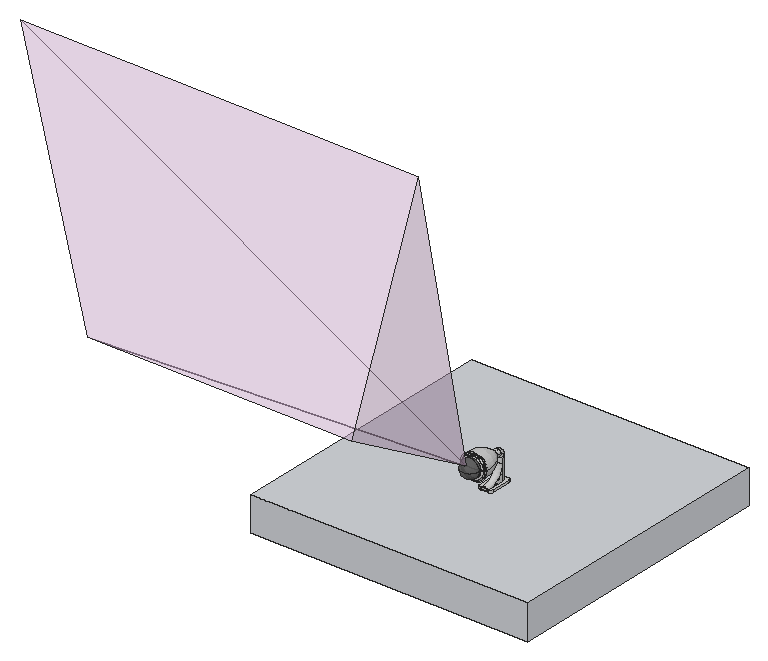
Revit family "Camera-Security-iPRO-2MP-Outdoor-PTZ-Network-Dome-AI-S65340-ZSeriesX", category Security Devices, host Face, Revit 2020
Family settings
  Host = Face
  Maintain Annotation Orientation = No
  Round Connector Dimension = Use Diameter
  Part Type = Normal
  OmniClass Number = 23.85.10.14.11
  OmniClass Title = Cameras
  Cut with Voids When Loaded = No
  Shared = No
  Room Calculation Point = No
Parameters (values of type "WV-S65340-Z2N")
  z Yaw Actual [instance] = 180.00°  # constant formula
  z VV Viewpoint Depth Min = z VV Viewpoint Depth Max  # 1.68661"
  z VV Viewpoint Depth Max = if(z Camera Type = 653402, 1.68661", if(z Camera Type = 653404, 2.10756", 39.33071"))  # 1.68661"
  z VV Viewpoint Depth [instance] = (z VV Viewpoint Depth Max - z VV Viewpoint Depth Min) * z HFOV Ratio + z VV Viewpoint Depth Min  # 1.68661"
  z VV Origin Height [instance] = if(Has Wall Mount Bracket, 9.48819", 6.85039")  # 9.48819"
  z VV Origin Horizontal Offset [instance] = if(and(z Camera Type = 653402, Has Wall Mount Bracket), 9.75984" + 3.30709", if(and(z Camera Type = 653404, Has Wall Mount Bracket), 9.69291" + 3.30709", 39.33071"))  # 13.06693"
  z Tilt Actual Safe [instance] = if(Tilt Actual = -90.00°, -89.90°, Tilt Actual)  # 45.00°
  z Tilt Actual [instance] = Tilt Actual  # 45.00°
  z Pan Actual Safe [instance] = if(Pan Actual = -180.00°, 180.00°, Pan Actual)  # 0.00°
  z Pan Actual [instance] = Pan Actual  # 0.00°
  z HFOV Ratio [instance] = (Horizontal FOV Actual - Horizontal FOV Min) / (Horizontal FOV Max - Horizontal FOV Min)  # 0.49523
  z Distance to Floor [instance] = if(Has Wall Mount Bracket, Distance to Floor + 19.68504", Distance to Floor)  # 137.79528"
  z Distance to Ceiling [instance] = if(Has Wall Mount Bracket, Distance to Ceiling - 19.68504", Distance to Ceiling)  # -19.68504"
  z Const Yaw Handle Length = 9.25197"  # constant formula
  z Const Yaw Base2 Length = 500.00°  # constant formula
  z Const Yaw Base Length = 9.84252"  # constant formula
  z Const Tilt Handle Length = 14.17323"  # constant formula
  z Const Tilt Base2 Length = 19.68504"  # constant formula
  z Const Tilt Base Length = 14.17323"  # constant formula
  z Const Pan Handle Length = 27.55906"  # constant formula
  z Camera Type = 653402
  z Camera Center Offset [instance] = if(Has Wall Mount Bracket, 2.95276", 0.0000")  # 2.95276"
  z Camera Bottom Height [instance] = if(Has Wall Mount Bracket, 9.48819", 0.0000")  # 9.48819"
  z Camera Angle [instance] = if(Has Wall Mount Bracket, 0.00°, 90.00°)  # 0.00°
  Wide Dynamic Range = (1 = 1)  # yes
  Weight = 9.26 lbf
  Water and Dust Resistance = "IP66, IP67, IEC60529 measuring standard compatible, Type 4X(UL50E), NEMA 4X compliant"  # constant formula
  Voltage [instance] = if(and(Power Supply type is AC, not(Power Supply type is PoE Plus), not(Power Supply type is PoE Plus Plus)), 24 V, if(and(not(Power Supply type is AC), Power Supply type is PoE Plus, not(Power Supply type is PoE Plus Plus)), 54 V, if(and(not(Power Supply type is AC), not(Power Supply type is PoE Plus), Power Supply type is PoE Plus Plus), 54 V, 24 V)))  # 24 V
  Vertical FOV Min [instance] = if(and(Aspect Ratio 4_3, not(Aspect Ratio 16_9)), VFOV Min 43, VFOV Min 169)  # 2.20°
  Vertical FOV Max [instance] = if(and(Aspect Ratio 4_3, not(Aspect Ratio 16_9)), VFOV Max 43, VFOV Max 169)  # 44.00°
  Vertical FOV Actual [instance] = z HFOV Ratio * (Vertical FOV Max - Vertical FOV Min) + Vertical FOV Min  # 22.9004°
  Vandal Resistant = (1 = 1)  # yes
  VFOV Min 43 = 2.20°
  VFOV Min 169 = 2.20°
  VFOV Max 43 = 44.00°
  VFOV Max 169 = 44.00°
  URL = "https://i-pro.com/corp/en/"
  Tilting Range = "-15 to +90"
  Tilt Min = -15.00°
  Tilt Max = 90.00°
  Tilt Desired [instance] = 45.00°
  Tilt Actual [instance] = if(Tilt Desired > Tilt Max, Tilt Max, if(Tilt Desired < Tilt Min, Tilt Min, Tilt Desired))  # 45.00°
  Storage Temperature = Operational Temperature  # "-50 °C to +60 °C (-58 °F to +140 °F)"
  Show View Volume [instance] = yes
  Shock Resistance = "IK10 (IEC 62262)"  # constant formula
  Resolution_HD [instance] = no
  Resolution_FullHD [instance] = yes
  Regulatory Compliance = "UL (UL62368-1), c-UL (CSA C22.2 No.62368-1), CE, IEC62368-1, FCC (Part15 ClassA), ICES-003 Issue 7 ClassA, EN55032 ClassA, EN55035"  # constant formula
  Provide Feedback = "https://i-pro.com/corp/en/contact-list/"
  Product Page URL = "https://i-pro.com/global/en/surveillance/products/wv-s65340-z2n"
  Product Material = Paint - i-Pro White
  Product Documentation Link = "https://bizpartner.panasonic.net/public/product/wv-s65340-z2n?accordion_tab=96"
  Power Supply type is PoE Plus Plus [instance] = no
  Power Supply type is PoE Plus [instance] = no
  Power Supply type is AC [instance] = yes
  Power Supply Type [instance] = if(and(Power Supply type is AC, not(Power Supply type is PoE Plus), not(Power Supply type is PoE Plus Plus)), "AC", if(and(not(Power Supply type is AC), Power Supply type is PoE Plus, not(Power Supply type is PoE Plus Plus)), "PoE Plus", if(and(not(Power Supply type is AC), not(Power Supply type is PoE Plus), Power Supply type is PoE Plus Plus), "PoE Plus Plus", "AC")))  # "AC"
  Power Active [instance] = if(and(Power Supply type is AC, not(Power Supply type is PoE Plus), not(Power Supply type is PoE Plus Plus)), 53.3 W, if(and(not(Power Supply type is AC), Power Supply type is PoE Plus, not(Power Supply type is PoE Plus Plus)), 25.4 W, if(and(not(Power Supply type is AC), not(Power Supply type is PoE Plus), Power Supply type is PoE Plus Plus), 50.84 W, 53.3 W)))  # 53.3 W
  Part Number = Model  # "WV-S65340-Z2N"
  Part Description = Description  # "Security Camera, 2MP ,21x,  Outdoor PTZ Network Camera with AI, WV-S65340-Z2N"
  Panning Range = "0 to +350"
  Pan Min = 0.00°
  Pan Max = 350.00°
  Pan Desired [instance] = 0.00°
  Pan Actual [instance] = if(Pan Desired > Pan Max, Pan Max, if(Pan Desired < Pan Min, Pan Min, Pan Desired))  # 0.00°
  PPM Desired [instance] = 300
  PPM Actual [instance] = if(PPM Desired > 1, PPM Desired, 1)  # 300
  Original Creation Date = "2022/08/05"  # constant formula
  Operational Temperature = "-50 °C to +60 °C (-58 °F to +140 °F)"  # constant formula
  Operational Humidity = "10 to 100 % (no condensation)"  # constant formula
  On Wall [instance] = Has Wall Mount Bracket  # yes
  On Ceiling [instance] = Has Ceiling Mount Bracket  # no
  Mounting Positions = "Wall Mount"  # constant formula
  Model Disclaimer = "Contact i-PRO for more information"  # constant formula
  Model = "WV-S65340-Z2N"
  Minimum Illumination = 0.015 lx
  Manufacturer = "i-PRO Co., Ltd."  # constant formula
  Indoor Or Outdoor = "Outdoor"  # constant formula
  IP Or Analog = "IP"  # constant formula
  Horizontal Resolution Actual [instance] = if(and(Aspect Ratio 4_3, not(Aspect Ratio 16_9)), Horizontal Resolution 43, Horizontal Resolution 169)  # 1920
  Horizontal Resolution 43 [instance] = if(and(Resolution_FullHD, Resolution_HD), 2048, if(Resolution_FullHD, 2048, if(Resolution_HD, 1280, 2048)))  # 2048
  Horizontal Resolution 169 [instance] = if(and(Resolution_FullHD, Resolution_HD), 1920, if(Resolution_FullHD, 1920, if(Resolution_HD, 1280, 1920)))  # 1920
  Horizontal FOV Min [instance] = if(and(Aspect Ratio 4_3, not(Aspect Ratio 16_9)), HFOV Min 43, HFOV Min 169)  # 3.70°
  Horizontal FOV Max [instance] = if(and(Aspect Ratio 4_3, not(Aspect Ratio 16_9)), HFOV Max 43, HFOV Max 169)  # 77.00°
  Horizontal FOV Desired [instance] = 40.00°
  Horizontal FOV Actual [instance] = if(Horizontal FOV Desired > Horizontal FOV Max, Horizontal FOV Max, if(Horizontal FOV Desired < Horizontal FOV Min, Horizontal FOV Min, Horizontal FOV Desired))  # 40.00°
  Height = 10.94488"  # constant formula
  Has Wall Mount Bracket [instance] = (1 = 1)  # yes
  Has POE = (1 = 1)  # yes
  Has Ceiling Mount Bracket [instance] = not(Has Wall Mount Bracket)  # no
  HFOV Min 43 = 2.80°
  HFOV Min 169 = 3.70°
  HFOV Max 43 = 58.00°
  HFOV Max 169 = 77.00°
  Family Version = "1.0.0"  # constant formula
  Equipment Number [instance] = ""
  Equipment Abbreviation = "SC"  # constant formula
  Distance to Screen [instance] = 393.70079"
  Distance to PPM Target [instance] = if(PPM Actual = 0, 0.0000", 39.37008" * Horizontal Resolution Actual / (PPM Actual * 2 * tan(Horizontal FOV Actual / 2)))  # 346.13889"
  Distance to Floor [instance] = 118.11024"
  Distance to Ceiling [instance] = 0.0000"
  Diameter = 9.01575"  # constant formula
  Description = "Security Camera, 2MP ,21x,  Outdoor PTZ Network Camera with AI, WV-S65340-Z2N"
  Default Elevation = 0.0000"
  Day Or Night = "Yes"  # constant formula
  Date Last Modified = "2022/08/05"  # constant formula
  Copyright = "Copyright © i-PRO Co., Ltd."  # constant formula
  Communication Ports = "10Base-T / 100Base-TX, RJ45 connector"  # constant formula
  Audio Out = "Yes"  # constant formula
  Audio In = "Yes"  # constant formula
  Aspect Ratio 4_3 [instance] = no
  Aspect Ratio 16_9 [instance] = yes
  Angle Of View = "77"
  Alarm Input Or Output Specification = "ALARM IN 1 (Alarm input 1/ Black & white input/ Auto time adjustment input) (x1) ALARM IN 2 (Alarm input 2/ ALARM OUT) (x1),  ARM IN 3 (Alarm input 3/ AUX OUT) (x1)"  # constant formula
  Accessory Part Number [instance] = if(Has Wall Mount Bracket, "WV-QWL501-W", "Select a Mounting Option")  # "WV-QWL501-W"
Types (3): name | z VV Viewpoint Depth Min | z VV Viewpoint Depth Max | z VV Viewpoint Depth | z VV Origin Horizontal Offset | z HFOV Ratio | z Camera Type | Weight | Vertical FOV Min | Vertical FOV Max | Vertical FOV Actual | VFOV Min 43 | VFOV Min 169 | VFOV Max 43 | VFOV Max 169 | Tilting Range | Tilt Max | Product Page URL | Product Documentation Link | Part Number | Part Description | Panning Range | Pan Max | Model | Horizontal FOV Min | Horizontal FOV Max | HFOV Min 43 | HFOV Min 169 | HFOV Max 43 | HFOV Max 169 | Description | Angle Of View
  WV-S65340-Z2N | 1.68661" | 1.68661" | 1.68661" | 13.06693" | 0.49523 | 653402 | 9.26 lbf | 2.20° | 44.00° | 22.9004° | 2.20° | 2.20° | 44.00° | 44.00° | "-15 to +90" | 90.00° | "https://i-pro.com/global/en/surveillance/products/wv-s65340-z2n" | "https://bizpartner.panasonic.net/public/product/wv-s65340-z2n?accordion_tab=96" | "WV-S65340-Z2N" | "Security Camera, 2MP ,21x,  Outdoor PTZ Network Camera with AI, WV-S65340-Z2N" | "0 to +350" | 350.00° | "WV-S65340-Z2N" | 3.70° | 77.00° | 2.80° | 3.70° | 58.00° | 77.00° | "Security Camera, 2MP ,21x,  Outdoor PTZ Network Camera with AI, WV-S65340-Z2N" | "77"
  WV-S65340-Z4N | 2.10756" | 2.10756" | 2.10756" | 13.0000" | 0.60254 | 653404 | 9.48 lbf | 1.20° | 39.00° | 23.9762° | 1.20° | 1.20° | 39.00° | 39.00° | "-15 to +195" | 195.00° | "https://i-pro.com/global/en/surveillance/products/wv-s65340-z4n" | "https://bizpartner.panasonic.net/public/product/wv-s65340-z4n?accordion_tab=96" | "WV-S65340-Z4N" | "Security Camera, 2MP 40x Outdoor PTZ Network Camera  with AI, WV-S65340-Z4N" | "360" | 360.00° | "WV-S65340-Z4N" | 2.10° | 65.00° | 1.60° | 2.10° | 51.00° | 65.00° | "Security Camera, 2MP 40x Outdoor PTZ Network Camera  with AI, WV-S65340-Z4N" | "65"
  WV-S65340-Z4K | 2.10756" | 2.10756" | 2.10756" | 13.0000" | 0.60254 | 653404 | 9.48 lbf | 1.20° | 39.00° | 23.9762° | 1.20° | 1.20° | 39.00° | 39.00° | "-15 to +195" | 195.00° | "https://i-pro.com/global/en/surveillance/products/wv-s65340-z4k" | "https://bizpartner.panasonic.net/public/product/wv-s65340-z4k?accordion_tab=96" | "WV-S65340-Z4K" | "Security Camera, Heavy-Duty Salt Damage-Resistant coating, 2MP 40x Outdoor PTZ Network with AI, WV-S65340-Z4K" | "360" | 360.00° | "WV-S65340-Z4K" | 2.10° | 65.00° | 1.60° | 2.10° | 51.00° | 65.00° | "Security Camera, Heavy-Duty Salt Damage-Resistant coating, 2MP 40x Outdoor PTZ Network with AI, WV-S65340-Z4K" | "65"
Reference planes (in)
  plane 1 "Center (Front/Back)": y = 0
  plane 2: z = 0
  plane 3 "Center (Left/Right)": x = 0
  plane 4: z = 9.48819
  plane 5: y = -2.95276
  plane 6 "BP": z = 9.48819
  plane 7: z = 2.69685
  plane 8: z = 7.79528
  plane 9: y = -13.06693
Forms (in)
  Extrusion 1, solid
    sketch origin (0, 0, 0) x (1, 0, 0) y (0, 1, 0)
      loop
        line (-48, 48) -> (-48, -48) -> (48, -48) -> (48, 48) -> (-48, 48)
    from 0 to -12
Lines and regions (in)
  reference lines
    curve 1: line (0, -2.95276, 9.48819) -> (0, -5.64026, 9.48819)
  symbolic lines, visible <- "Has Wall Mount Bracket"
    curve 2: line (-1.15, -2.6875, 0) -> (1.15, -2.6875, 0)
Dimensions and locks (in)
  "z Camera Bottom Height": plane 4 to plane 2
  "z Camera Center Offset": plane 5 to plane 1 "Center (Front/Back)"
  plane 1 "Center (Front/Back)" to plane 5 = 2.95276"
  plane 7 to level = 2.69685"
  "z VV Origin Height": plane 6 "BP" to level
  "z VV Origin Horizontal Offset": plane 9 to plane 1 "Center (Front/Back)"
  "z Camera Angle": angle curve 1 to plane 4
  aligned and locked: plane 2 to Extrusion 1
  aligned and locked: level to Extrusion 1
  aligned and locked: plane 4 to curve 1
  aligned and locked: plane 5 to curve 1
Automatic sketch dimensions
  Extrusion 1 sketch curve to Extrusion 1 sketch curve = 96.0000"  (x2)
  curve 2 to plane 3 "Center (Left/Right)" = 1.1500"
  plane 3 "Center (Left/Right)" to curve 2 = 1.1500"
  plane 1 "Center (Front/Back)" to curve 2 = 2.6875"
Nested families (in)
  nested 1: "Bracket-Ceiling_Mount-iPRO" at (0, -0.00039, 0), visible <- "Has Wall Mount Bracket", Product Material <- "Product Material", type "Bracket"
    with Product Material Paint - i-Pro White, Has Snap Locations yes
  nested 2: "CameraBody WV-S65340-Z" at (0, -2.95276, 9.48819) x (1, 0, 0) z (0, -1, 0), Product Material <- "Product Material", type "CameraBody WV-S65340-Z"
    with Product Material Paint - i-Pro White, Body Visible yes
  nested 3: "Camera-Security-Panasonic-ViewVolumePTYZ" at (0, -13.06693, 9.48819) x (-1, 0, 0) z (0, -1, 0), Base Height Offset <- "z VV Origin Height", VFOV <- "Vertical FOV Actual", Target Depth <- "Distance to PPM Target", Screen Depth <- "Distance to Screen", Viewpoint Depth <- "z VV Viewpoint Depth", On Wall <- "On Ceiling", On Ceiling <- "On Ceiling", HFOV <- "Horizontal FOV Actual", Yaw <- "z Yaw Actual", Tilt <- "z Tilt Actual Safe", Pan <- "z Pan Actual Safe", Floor Distance <- "Distance to Floor", Ceiling Distance <- "Distance to Ceiling", visible <- "Show View Volume", type "Camera-Security-Panasonic-ViewVolumePTYZ"
    with z Yaw Actual 180.00°, z Void Width 1887.11672", z Void Thickness 800.26299", z Void Height Start -943.55836", z Void Height End 943.55836", z Void Direction 0, z Void Angle 0.00°, z Viewpoint Depth 1.68661", z Tilt Actual 45.00°, z Target Width 251.9685", z Target Visible yes, z Target Height 140.21906", z Target Depth 347.8255", z Screen Width 286.59074", z Screen Height 159.48614", z Screen Depth 395.3874", z Pan Actual 0.00°, z Floor Distance 118.11024", z Ceiling Distance 0.0000", Yaw 180.00°, Viewpoint Origin Horizontal Offset 0.0000", Viewpoint Depth 1.68661", VFOV 22.9004°, Tilt 45.00°, Target Depth 346.13889", Screen Depth 393.70079", Pan 0.00°, On Wall no, On Floor no, On Default Mount Type 0, On Ceiling no, HFOV 40.00°, Floor Distance 118.11024", Ceiling Distance 0.0000", Base Height Offset 9.48819", Base Angle Offset 0.00°
Connectors (in)
  electrical at (0, -2.36417, 0), driven by "Voltage", driven by "Power Active"
    settings: on nested 1, index 3, voltage 24 V, apparent load 53.3 W, apparent load phase1 0.0 W, apparent load phase2 0.0 W, apparent load phase3 0.0 W, power factor 1, load classification "Other", number of poles 1, system type 30, power factor state 1, is connector primary yes, connector utility no, sub classification motor no, connector description "Electrical Connection"
  electrical at (0, -2.36417, 0)
    settings: on nested 1, index 4, voltage 0 V, apparent load 0.0 W, apparent load phase1 0.0 W, apparent load phase2 0.0 W, apparent load phase3 0.0 W, power factor 1, load classification "Other", number of poles 1, system type 5, power factor state 1, is connector primary no, connector utility no, sub classification motor no, connector description "Data Connection"
Definition of nested family "Bracket-Ceiling_Mount-iPRO"
  Parameters (values of type "Bracket")
    URL = "http://panasonic.net"
    Product Material [instance] = none
    Model = "WV-QWL501-W"
    Manufacturer = "iPRO Corp.,"
    Has Snap Locations [instance] = yes
    Description = "Ceiling Mount Bracket"
    Default Elevation = 48.0000"
  Reference planes (in)
    plane 1 "Center (Front/Back)": y = 0
    plane 2: z = 0
    plane 3 "Center (Left/Right)": x = 0
    plane 4: z = 10.59055
    plane 5: z = 0
    plane 6: x = -1.15
    plane 7: x = 1.15
    plane 8: x = -2.3622
    plane 9: x = 2.3622
    plane 10: y = 1.14173
    plane 11: y = 1.96693
    plane 12: y = -6.69449
    plane 13: z = 0.62992
    plane 14: z = 9.44882
    plane 15: y = -2.95276
  Forms (in)
    Extrusion 1, solid, material <- "Product Material"
      sketch origin (0, 0, 0) x (0, 1, 0) y (0, 0, 1)
        loop
          arc (-0.00281, 6.69167) -> (-1.96276, 1.95995) -> (-6.69449, 0) r 6.69167
          line (-6.69449, 0) -> (0, 0) -> (-0.00281, 6.69167)
      from -1.14173 to 1.14173
    Extrusion 2, solid, material <- "Product Material"
      sketch origin (0, 0, 0) x (1, 0, 0) y (0, 1, 0)
        loop
          arc (-1.37795, 1.96693) -> (-2.07392, 1.67865) -> (-2.3622, 0.98268) r 0.98425
          line (-2.3622, 0.98268) -> (-2.3622, -5.71024)
          arc (-2.3622, -5.71024) -> (-2.07392, -6.40621) -> (-1.37795, -6.69449) r 0.98425
          line (-1.37795, -6.69449) -> (1.37795, -6.69449)
          arc (1.37795, -6.69449) -> (2.07392, -6.40621) -> (2.3622, -5.71024) r 0.98425
          line (2.3622, -5.71024) -> (2.3622, 0.98268)
          arc (2.3622, 0.98268) -> (2.07392, 1.67865) -> (1.37795, 1.96693) r 0.98425
          line (1.37795, 1.96693) -> (-1.37795, 1.96693)
      from 0 to 0.62992
    Sweep 3, solid, material <- "Product Material"
      path origin (0, 0, 0) x (0, 1, 0) y (0, 0, 1)
        loop
          line (-0.00025, 0.62992) -> (-0.00025, 8.2874)
          arc (-0.00025, 8.2874) -> (-0.34042, 9.10865) -> (-1.16167, 9.44882) r 1.16142
          line (-1.16167, 9.44882) -> (-2.95276, 9.44882)
      profile origin (0, -0.00025, 4.45866) x (0, -1, 0) y (1, 0, 0)
        loop
          circle (0.00255, 0) r 1.14173
    Sweep 4, solid, material <- "Product Material"
      path in 3D
        loop
          arc (1.14173, -6.69449, 0) -> (1.14173, -1.96276, 1.95995) -> (1.14173, -0.00281, 6.69167) r 6.69167
      profile origin (1.14173, -1.96276, 1.95995) x (0, -0.707107, 0.707107) y (1, 0, 0)
        loop
          circle (0, -1.14173) r 1.14173
    Extrusion 5, void
      sketch origin (0, 0, 0) x (0, 1, 0) y (1, 0, 0)
        loop
          line (1.96693, -2.3622) -> (1.96693, 2.3622) -> (-6.69449, 2.3622) -> (-6.69449, -2.3622) -> (1.96693, -2.3622)
      from 0 to 1.9685
  Cuts and joins
    Extrusion 5 cuts Extrusion 1
    Extrusion 5 cuts Extrusion 2
    Extrusion 5 cuts Sweep 3
    Extrusion 5 cuts Sweep 4
  Lines and regions (in)
    sketch lines
      curve 1: arc (1.14173, -6.69449, 0) -> (1.14173, -1.96276, 1.95995) -> (1.14173, -0.00281, 6.69167) r 6.69167
  Dimensions and locks (in)
    plane 8 to plane 3 "Center (Left/Right)" = 2.3622"
    plane 4 to level = 10.59055"
    locked: plane 1 "Center (Front/Back)" to plane 10 at 1.14173
    locked: plane 1 "Center (Front/Back)" to plane 11 at 1.96693
    locked: plane 12 to plane 11 at 8.66142
    locked: plane 13 to level at 0.62992
    locked: plane 4 to plane 14 at 1.14173
    plane 15 to plane 1 "Center (Front/Back)" = 2.95276"
    plane 15 to plane 11 = 4.91969"
    aligned and locked: plane 2 to level
    aligned and locked: plane 11 to Extrusion 2 sketch curve
    aligned and locked: Extrusion 2 sketch curve to plane 8
    aligned and locked: Extrusion 2 sketch curve to plane 12
    aligned and locked: Extrusion 2 sketch curve to plane 9
    aligned and locked: Extrusion 5 sketch curve to plane 11
    aligned and locked: plane 8 to Extrusion 5 sketch curve
    aligned and locked: plane 12 to Extrusion 5 sketch curve
    aligned and locked: plane 9 to Extrusion 5 sketch curve
    aligned and locked: plane 13 to Sweep 3 sketch curve
Definition of nested family "CameraBody WV-S65340-Z"
  Parameters (values of type "CameraBody WV-S65340-Z")
    Product Material [instance] = none
    Body Visible [instance] = yes
    Default Elevation = 48.0000"
  Reference planes (in)
    plane 1 "Center (Front/Back)": y = 0
    plane 2: z = 0
    plane 3 "Center (Left/Right)": x = 0
    plane 4: z = 9.72598
    plane 5: x = 4.50787
    plane 6: x = 3.14961
    plane 7: z = 12.87559
    plane 8: z = -4.91969
    plane 9: z = 8.30866
  Forms (in)
    Extrusion 1, solid
      sketch origin (0, 0, 0) x (1, 0, 0) y (0, 1, 0)
        loop
          line (-48, 48) -> (-48, -48) -> (48, -48) -> (48, 48) -> (-48, 48)
      from 0 to -12
    Revolve 2, solid, material <- "Product Material", visible <- "Body Visible"
      sketch origin (0, 0, 0) x (1, 0, 0) y (0, 0, 1)
        loop
          line (0, 0) -> (1.49425, 0)
          spline (1.49425, 0) -> (1.71082, 0.30207) -> (1.97018, 0.62967) -> (2.26137, 0.99642) -> (2.57345, 1.41597) -> (2.89546, 1.90193) -> (3.21645, 2.46795) -> (3.52548, 3.12766) -> (3.81159, 3.89469) -> (4.06383, 4.78267) -> (4.27126, 5.80524) -> (4.42293, 6.97602) -> (4.50787, 8.30866)
          line (4.50787, 8.30866) -> (4.05512, 8.30866) -> (4.05512, 8.44404) -> (3.89115, 8.79567) -> (3.7586, 8.79567) -> (3.14961, 9.01732) -> (0, 9.01732) -> (0, 0)
        axis (0, 9.01732) -> (0, 0)
      angle from 0 to 360
    Revolve 3, solid, visible <- "Body Visible"
      sketch origin (0, 0, 0) x (1, 0, 0) y (0, 0, 1)
        loop
          line (0, 9.01732) -> (3.14961, 9.01732) -> (3.14961, 9.72598)
          arc (3.14961, 9.72598) -> (2.22711, 11.95309) -> (0, 12.87559) r 3.14961
          line (0, 12.87559) -> (0, 9.01732)
        axis (0, 12.87559) -> (0, 9.01732)
      angle from 0 to 360
  Dimensions and locks (in)
    locked: plane 5 to plane 3 "Center (Left/Right)" at 4.50787
    locked: plane 6 to plane 3 "Center (Left/Right)" at 3.14961
    locked: plane 7 to plane 4 at 3.14961
    locked: level to plane 8 at 4.91969
    plane 7 to plane 8 = 17.79528"
    locked: plane 7 to plane 9 at 4.56693
    aligned and locked: plane 2 to Extrusion 1
    aligned and locked: level to Extrusion 1
    aligned and locked: Revolve 2 sketch curve to level
    aligned and locked: Revolve 2 sketch curve to plane 3 "Center (Left/Right)"
    aligned and locked: Revolve 3 sketch curve to plane 3 "Center (Left/Right)"
    aligned and locked: plane 5 to Revolve 2 sketch curve  (x2)
Definition of nested family "Camera-Security-Panasonic-ViewVolumePTYZ"
  Parameters
    z Yaw Actual [instance] = if(Yaw < 0.00°, 360.00° - (abs(Yaw) - rounddown(abs(Yaw) / 360.00°) * 360.00°), Yaw - rounddown(Yaw / 360.00°) * 360.00°)  # 0.00°
    z Void Width [instance] = if(z Screen Width > z Screen Height, z Screen Width, z Screen Height) + abs(Viewpoint Origin Horizontal Offset) + z Void Thickness * 2  # 2064.84273"
    z Void Thickness [instance] = z Screen Depth * 2 + abs(Base Height Offset)  # 805.11811"
    z Void Height Start [instance] = -z Void Width / 2  # -1032.42137"
    z Void Height End [instance] = z Void Width / 2  # 1032.42137"
    z Void Direction [instance] = if((if(On Wall, 1, 0) + if(On Floor, 1, 0) + if(On Ceiling, 1, 0)) = 1, if(On Ceiling, 0, if(On Wall, 1, 2)), On Default Mount Type)  # 0
    z Viewpoint Depth [instance] = if(Viewpoint Depth < 0.03937", 0.03937", Viewpoint Depth)  # 5.90551"
    z Tilt Actual [instance] = if(Tilt < 0.00°, 360.00° - (abs(Tilt) - rounddown(abs(Tilt) / 360.00°) * 360.00°), Tilt - rounddown(Tilt / 360.00°) * 360.00°)  # 45.00°
    z Target Visible [instance] = not(Screen Depth < Target Depth)  # yes
    z Target Thickness Start = -z Target Thickness / 2  # -0.03937"
    z Target Thickness End = z Target Thickness / 2  # 0.03937"
    z Target Depth [instance] = Target Depth + Viewpoint Depth  # 84.64567"
    z Pan Actual [instance] = if(Pan < 0.00°, 360.00° - (abs(Pan) - rounddown(abs(Pan) / 360.00°) * 360.00°), Pan - rounddown(Pan / 360.00°) * 360.00°)  # 0.00°
    z Floor Distance [instance] = if(z Void Direction = 2, if(Floor Distance < 0.0000", 0.0000", Floor Distance), if(Floor Distance < 0.3937", 0.3937", Floor Distance))  # 118.11024"
    z Const Yaw Base2 Length = 17.32283"  # constant formula
    z Const Tilt Base2 Length = 19.68504"  # constant formula
    z Ceiling Distance [instance] = if(z Void Direction = 2, if(Ceiling Distance < 0.3937", 0.3937", Ceiling Distance), if(Ceiling Distance < 0.0000", 0.0000", Ceiling Distance))  # 0.0000"
    z Const Void Handle Length = 23.62205"  # constant formula
    z Void Angle [instance] = if(z Void Direction = 0, 0.00° + Base Angle Offset, if(z Void Direction = 1, 90.00° + Base Angle Offset, 180.00° + Base Angle Offset))  # 0.00°
    z Screen Depth [instance] = if(Screen Depth < 3.93701", 3.93701" + Viewpoint Depth, Screen Depth + Viewpoint Depth)  # 399.6063"
    Original Creation Date = "September, 15, 2016"  # constant formula
    On Default Mount Type [instance] = 0
    Manufacturer = "Panasonic"  # constant formula
    Family Version = "1.0.1"  # constant formula
    Default Elevation = 48.0000"
    Date Last Modified = "February, 15, 2017"  # constant formula
    Copyright = "Copyright © Panasonic"  # constant formula
    Base Height Offset [instance] = 5.90551"
    Base Angle Offset [instance] = 0.00°
    z Viewpoint Width = 0.03937"  # constant formula
    z Viewpoint Height = 0.03937"  # constant formula
    VFOV [instance] = 33.75°
    z Target Width [instance] = Target Depth * tan(HFOV / 2) * 2  # 90.9213"
    z Target Thickness = 0.07874"  # constant formula
    z Target Height [instance] = Target Depth * tan(VFOV / 2) * 2  # 47.77113"
    Target Depth [instance] = 78.74016"
    z Screen Width [instance] = (z Screen Depth - Viewpoint Depth) * tan(HFOV / 2) * 2  # 454.60651"
    z Screen Height [instance] = (z Screen Depth - Viewpoint Depth) * tan(VFOV / 2) * 2  # 238.85566"
    Screen Depth [instance] = 393.70079"
    z Const Yaw Handle Length = 9.25197"  # constant formula
    z Const Yaw Base Length = 10.23622"  # constant formula
    Viewpoint Depth [instance] = 5.90551"
    Viewpoint Origin Horizontal Offset [instance] = 0.0000"
    z Const Tilt Handle Length = 14.17323"  # constant formula
    z Const Tilt Base Length = 9.84252"  # constant formula
    z Const Pan Handle Length = 19.68504"  # constant formula
    z Const Pan Axis Length = 15.74803"  # constant formula
    On Wall [instance] = no
    On Floor [instance] = no
    On Ceiling [instance] = yes
    HFOV [instance] = 60.00°
    Yaw [instance] = 0.00°
    Tilt [instance] = 45.00°
    Pan [instance] = 0.00°
    Floor Distance [instance] = 118.11024"
    Ceiling Distance [instance] = 0.0000"
  Reference planes (in)
    plane 1 "Center (Front/Back)": y = 0
    plane 2: z = 0
    plane 3 "Center (Left/Right)": x = 0
    plane 4 "VoidOffsetBase": z = -5.90551
  Forms (in)
    Extrusion 1, void
      sketch origin (0, 0, -5.90551) x (0, 0, 1) y (0, -1, 0)
        loop
          line (923.22835, 1032.42137) -> (118.11024, 1032.42137) -> (118.11024, -1032.42137) -> (923.22835, -1032.42137) -> (923.22835, 1032.42137)
        loop
          line (0, 1032.42137) -> (-805.11811, 1032.42137) -> (-805.11811, -1032.42137) -> (0, -1032.42137) -> (0, 1032.42137)
      from -1032.42137 <- "z Void Height Start" to 1032.42137 <- "z Void Height End"
    Blend 2, solid
      base sketch origin (0, -4.17583, 4.17583) x (0, 0.707107, 0.707107) y (-1, 0, 0)
        loop
          line (-0.01969, -0.01969) -> (0.01969, -0.01969) -> (0.01969, 0.01969) -> (-0.01969, 0.01969) -> (-0.01969, -0.01969)
      top sketch origin (0, -282.56432, 282.56432) x (0, 0.707107, 0.707107) y (-1, 0, 0)
        loop
          line (-119.42783, -227.30326) -> (119.42783, -227.30326) -> (119.42783, 227.30326) -> (-119.42783, 227.30326) -> (-119.42783, -227.30326)
      from 0 to 0
    Extrusion 3, solid, visible <- "z Target Visible"
      sketch origin (0, -59.85353, 59.85353) x (0, 0.707107, 0.707107) y (-1, 0, 0)
        loop
          line (-23.88557, -45.46065) -> (23.88557, -45.46065) -> (23.88557, 45.46065) -> (-23.88557, 45.46065) -> (-23.88557, -45.46065)
      from -0.03937 <- "z Target Thickness Start" to 0.03937 <- "z Target Thickness End"
  Cuts and joins
    Extrusion 1 cuts Blend 2
    Extrusion 1 cuts Extrusion 3
  Lines and regions (in)
    reference lines
      curve 1: line (0, 0, 0) -> (19.68504, 0, 0)
      curve 2: line (0, 0, -15.74803) -> (0, 0, 0)
      curve 3: line (0, 0, 0) -> (0, -9.84252, 0)
      curve 4: line (0, 0, 0) -> (0, 0, 19.68504)
      curve 5: line (0, -10.02199, 10.02199) -> (0, 0, 0)
      curve 6: line (0, 0, 0) -> (0, 7.2381, 7.2381)
      curve 7: line (0, 0, 0) -> (-17.32283, 0, 0)
      curve 8: line (0, 0, 0) -> (-9.25197, 0, 0)
      curve 9: line (0, -4.17583, 4.17583) -> (0, 0, 0)
      curve 10: line (0, 0, 0) -> (0, -59.85353, 59.85353)
      curve 11: line (0, 0, 0) -> (0, -282.56432, 282.56432)
      curve 12: line (-0.01969, -4.16191, 4.18975) -> (0.01969, -4.16191, 4.18975)
      curve 13: line (-0.01969, -4.18975, 4.16191) -> (0.01969, -4.18975, 4.16191)
      curve 14: line (-0.01969, -4.16191, 4.18975) -> (-0.01969, -4.18975, 4.16191)
      curve 15: line (0.01969, -4.16191, 4.18975) -> (0.01969, -4.18975, 4.16191)
      curve 16: line (-45.46065, -42.96388, 76.74317) -> (45.46065, -42.96388, 76.74317)
      curve 17: line (-45.46065, -76.74317, 42.96388) -> (45.46065, -76.74317, 42.96388)
      curve 18: line (-45.46065, -42.96388, 76.74317) -> (-45.46065, -76.74317, 42.96388)
      curve 19: line (45.46065, -42.96388, 76.74317) -> (45.46065, -76.74317, 42.96388)
      curve 20: line (-227.30326, -198.1161, 367.01255) -> (-227.30326, -367.01255, 198.1161)
      curve 21: line (227.30326, -198.1161, 367.01255) -> (227.30326, -367.01255, 198.1161)
      curve 22: line (-227.30326, -198.1161, 367.01255) -> (227.30326, -198.1161, 367.01255)
      curve 23: line (-227.30326, -367.01255, 198.1161) -> (227.30326, -367.01255, 198.1161)
      curve 24: line (0, 0, -5.90551) -> (0, 0, 17.71654)
      curve 25: line (0, -1032.42137, 917.32283) -> (0, 1032.42137, 917.32283)
      curve 26: line (0, -1032.42137, 112.20472) -> (0, -1032.42137, 917.32283)
      curve 27: line (0, 1032.42137, 112.20472) -> (0, -1032.42137, 112.20472)
      curve 28: line (0, 1032.42137, 917.32283) -> (0, 1032.42137, 112.20472)
      curve 29: line (0, -1032.42137, -5.90551) -> (0, 1032.42137, -5.90551)
      curve 30: line (0, -1032.42137, -811.02362) -> (0, -1032.42137, -5.90551)
      curve 31: line (0, 1032.42137, -811.02362) -> (0, -1032.42137, -811.02362)
      curve 32: line (0, 1032.42137, -5.90551) -> (0, 1032.42137, -811.02362)
  Dimensions and locks (in)
    "z Const Pan Handle Length": curve 1 to curve 1
    "z Const Pan Axis Length": curve 2 to curve 2
    "z Const Tilt Base Length": curve 3 to curve 3
    "z Const Pan Axis Length": curve 1 to curve 2
    "Viewpoint Origin Horizontal Offset": curve 4 to curve 2
    "z Const Tilt Base2 Length": curve 4 to curve 4
    "z Const Tilt Handle Length": curve 5 to curve 5
    "z Const Yaw Base Length": curve 6 to curve 6
    "z Const Yaw Base2 Length": curve 7 to curve 7
    "z Const Yaw Handle Length": curve 8 to curve 8
    "z Viewpoint Depth": curve 9 to curve 9
    "z Target Depth": curve 10 to curve 10
    "z Screen Depth": curve 11 to curve 11
    equal spacing: curve 13, curve 9, curve 12
    "z Viewpoint Height": curve 13 to curve 12
    equal spacing: curve 14, curve 9, curve 15
    "z Viewpoint Width": curve 14 to curve 15
    equal spacing: curve 17, curve 10, curve 16
    "z Target Height": curve 17 to curve 16
    equal spacing: curve 18, curve 10, curve 19
    "z Target Width": curve 18 to curve 19
    equal spacing: curve 20, curve 11, curve 21
    "z Screen Width": curve 20 to curve 21
    equal spacing: curve 23, curve 11, curve 22
    "z Screen Height": curve 23 to curve 22
    "z Const Void Handle Length": curve 24 to curve 24
    equal spacing: curve 26, curve 24, curve 28
    "z Void Width": curve 26 to curve 28
    "z Floor Distance": curve 27 to curve 24
    "z Ceiling Distance": curve 29 to curve 24
    "z Void Thickness": curve 31 to curve 29
    "z Void Thickness": curve 25 to curve 27
    "Base Height Offset": level to plane 4 "VoidOffsetBase"
    locked: curve 3 to curve 2 (angle 90.00°)
    locked: curve 3 to curve 4 (angle 90.00°)
    "z Tilt Actual": angle curve 4 to curve 5
    locked: curve 6 to curve 7 (angle 90.00°)
    locked: curve 6 to curve 5 (angle 90.00°)
    locked: curve 9 to curve 5 (angle 0.00°)
    locked: curve 10 to curve 5 (angle 0.00°)
    locked: curve 11 to curve 5 (angle 0.00°)
    "z Void Angle": angle plane 1 "Center (Front/Back)" to curve 24
    "z Yaw Actual": angle curve 7 to curve 8
    "z Pan Actual": angle plane 1 "Center (Front/Back)" to curve 1
    aligned and locked: level to plane 2
    aligned and locked: curve 2 to curve 1
    aligned and locked: curve 2 to curve 3
    aligned and locked: curve 3 to curve 2
    aligned and locked: curve 3 to curve 5
    aligned and locked: curve 6 to curve 7
    aligned and locked: curve 6 to curve 8
    aligned and locked: curve 8 to curve 7
    aligned and locked: curve 7 to curve 6
    aligned and locked: curve 5 to curve 11
    aligned and locked: curve 11 to curve 8
    aligned and locked: curve 12 to curve 15
    aligned and locked: curve 15 to curve 15
    aligned and locked: curve 14 to curve 14
    aligned and locked: curve 13 to curve 15
    aligned and locked: curve 16 to curve 19
    aligned and locked: curve 18 to curve 18
    aligned and locked: curve 17 to curve 19
    aligned and locked: curve 22 to curve 22
    aligned and locked: curve 21 to curve 23
    aligned and locked: curve 20 to curve 23
    aligned and locked: curve 23 to curve 23
    aligned and locked: plane 1 "Center (Front/Back)" to curve 24
    aligned and locked: curve 30 to curve 26
    aligned and locked: curve 28 to curve 32
    aligned and locked: Extrusion 1 sketch curve to curve 25
    aligned and locked: Extrusion 1 sketch curve to curve 26
    aligned and locked: Extrusion 1 sketch curve to curve 27
    aligned and locked: Extrusion 1 sketch curve to curve 28
    aligned and locked: Extrusion 1 sketch curve to curve 29
    aligned and locked: Extrusion 1 sketch curve to curve 30
    aligned and locked: Extrusion 1 sketch curve to curve 31
    aligned and locked: Extrusion 1 sketch curve to curve 32
    aligned and locked: Extrusion 1 sketch curve to Extrusion 1 sketch curve  (x8)
    aligned and locked: Blend 2 sketch curve to curve 15
    aligned and locked: Blend 2 sketch curve to curve 13
    aligned and locked: Blend 2 sketch curve to curve 14
    aligned and locked: Blend 2 sketch curve to curve 12
    aligned and locked: Blend 2 sketch curve to Blend 2 sketch curve  (x8)
    aligned and locked: Blend 2 sketch curve to curve 21
    aligned and locked: Blend 2 sketch curve to curve 23
    aligned and locked: Blend 2 sketch curve to curve 20
    aligned and locked: Blend 2 sketch curve to curve 22
    aligned and locked: Extrusion 3 sketch curve to curve 19
    aligned and locked: Extrusion 3 sketch curve to curve 17
    aligned and locked: Extrusion 3 sketch curve to curve 18
    aligned and locked: Extrusion 3 sketch curve to curve 16
    aligned and locked: Extrusion 3 sketch curve to Extrusion 3 sketch curve  (x4)
    aligned and locked: plane 3 "Center (Left/Right)" to curve 1
    aligned and locked: plane 1 "Center (Front/Back)" to curve 1
    aligned and locked: level to curve 2
    aligned and locked: plane 4 "VoidOffsetBase" to curve 24
  Automatic sketch dimensions
    curve 6 to curve 5 = 0.0000"
    curve 6 to curve 5 = 10.23622"
